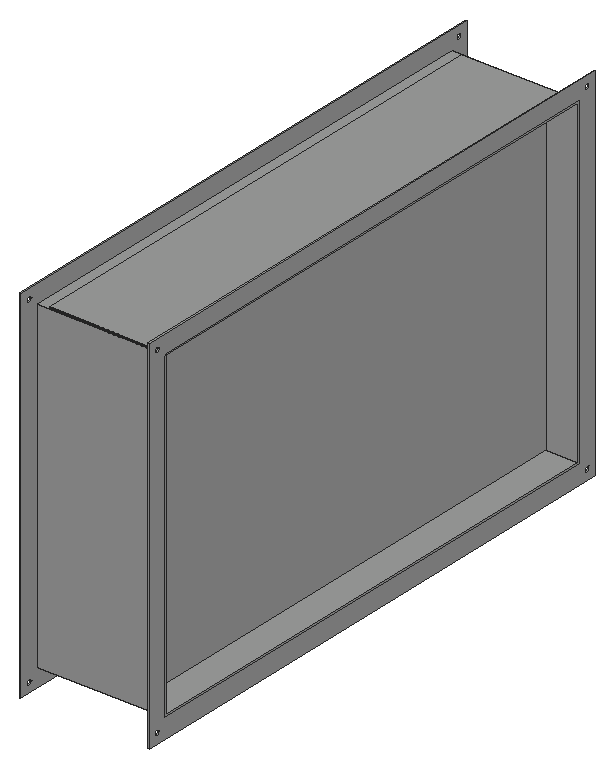
Revit family "Фильтр К прямоугольный Naveka", category Арматура воздуховодов, Revit 2019
Family settings
  Размер круглого соединителя = Использовать диаметр
  Тип детали = Вставляется
  Номер OmniClass = 23.75.00.00
  Заголовок OmniClass = Climate Control (HVAC)
  На основе рабочей плоскости = Нет
  Всегда вертикально = Да
  При загрузке вырезать с полостями = Нет
  Общий = Нет
Parameters (values of type "К-8050 компакт")
  Материал = RAL 0000 Серый металл
  s = 30 mm
  L = 200 mm
  B = 500 mm
  ADSK_Примечание = ""
  ADSK_Позиция = ""
  ADSK_Наименование = "Корпус компактного фильтра прямоугольного"
  ADSK_Масса = 0
  ADSK_Марка = "К-8050 компакт"
  ADSK_Код изделия = ""
  ADSK_Завод-изготовитель = "Naveka"  # constant formula
  ADSK_Единица измерения = "шт."  # constant formula
  A = 800 mm
Types (17, lengths in mm): name | s | L | B | ADSK_Марка | A
  (no name) | 30 | 200 | 500 | "К-8050 компакт" | 800
  К-4020 компакт | 20 | 200 | 200 | "К-4020 компакт" | 400
  К-4020 | 20 | 500 | 200 | "К-4020 компакт" | 400
  К-5025 компакт | 20 | 200 | 250 | "К-5025 компакт" | 500
  К-5025 | 20 | 530 | 250 | "К-5025 компакт" | 500
  К-5030 компакт | 20 | 200 | 300 | "К-5030 компакт" | 500
  К-5030 | 20 | 560 | 300 | "К-5030" | 500
  К-6030 компакт | 20 | 200 | 300 | "К-6030 компакт" | 600
  К-6030 | 20 | 650 | 300 | "К-6030" | 600
  К-6035 компакт | 20 | 200 | 350 | "К-6035 компакт" | 600
  К-6035 | 20 | 715 | 350 | "К-6035" | 600
  К-7040 компакт | 30 | 200 | 400 | "К-7040 компакт" | 700
  К-7040 | 30 | 785 | 400 | "К-7040" | 700
  К-8050 компакт | 30 | 200 | 500 | "К-8050 компакт" | 800
  К-8050 | 30 | 880 | 500 | "К-8050" | 800
  К-10050 компакт | 30 | 200 | 500 | "К-10050 компакт" | 1000
  К-10050 | 30 | 880 | 500 | "К-10050" | 1000
Reference planes
  plane 1 "По центру (Вперед/Назад)": y = 0
  plane 2: z = -11
  plane 3 "По центру (Влево/Вправо)": x = 0
  plane 4: y = 400
  plane 5: y = -400
  plane 6: x = 100
  plane 7: z = 239
  plane 8: z = -261
  plane 9: x = -100
  plane 10: x = -80
  plane 11: y = 398
  plane 12: x = 80
  plane 13: y = -398
  plane 14: z = 241
  plane 15: y = 430
  plane 16: y = -430
  plane 17: z = 269
  plane 18: z = -291
  plane 19: z = 254
  plane 20: y = -415
  plane 21: z = -276
  plane 22: y = 415
  plane 23: x = -98
  plane 24: x = 98
  plane 25: z = -259
  plane 26: z = 243
  plane 27: x = -50
  plane 28: x = 50
Forms (mm)
  Extrusion 1, solid, material "RAL 0000 Серый металл" <- "Материал"
    sketch origin (0, 0, 0) x (0, 1, 0) y (0, 0, 1)
      loop
        line (400, 241) -> (-400, 241) -> (-400, -261) -> (400, -261) -> (400, 241)
    from -100 to 100
  Extrusion 2, solid, material "RAL 0000 Серый металл" <- "Материал", detail levels fine
    sketch origin (0, 0, -11) x (1, 0, 0) y (0, 1, 0)
      loop
        line (-80, 398) -> (-80, -398) -> (80, -398) -> (80, 398) -> (-80, 398)
    from 254 to 252
  Extrusion 3, solid, material "RAL 0000 Серый металл" <- "Материал", detail levels fine
    sketch origin (0, 0, 0) x (0, 1, 0) y (0, 0, 1)
      loop
        line (430, 269) -> (-430, 269) -> (-430, -291) -> (430, -291) -> (430, 269)
      loop
        line (400, 241) -> (-400, 241) -> (-400, -261) -> (400, -261) -> (400, 241)
      loop
        circle (415, 254) r 4.5
      loop
        circle (-415, -276) r 4.5
      loop
        circle (415, -276) r 4.5
      loop
        circle (-415, 254) r 4.5
    from 98 to 100
  Extrusion 4, solid, material "RAL 0000 Серый металл" <- "Материал", detail levels fine
    sketch origin (0, 0, 0) x (0, 1, 0) y (0, 0, 1)
      loop
        line (-430, 269) -> (-430, -291) -> (430, -291) -> (430, 269) -> (-430, 269)
      loop
        line (-400, 241) -> (-400, -261) -> (400, -261) -> (400, 241) -> (-400, 241)
      loop
        circle (-415, 254) r 4.5
      loop
        circle (415, 254) r 4.5
      loop
        circle (415, -276) r 4.5
      loop
        circle (-415, -276) r 4.5
    from -100 to -98
  Extrusion 5, void, detail levels fine
    sketch origin (0, 0, -11) x (-1, 0, 0) y (0, -1, 0)
      loop
        line (-50, 398) -> (-100, 398) -> (-100, -398) -> (-50, -398) -> (-50, 398)
    from -248 to 250
  Extrusion 6, void, detail levels fine
    sketch origin (0, 0, -11) x (1, 0, 0) y (0, 1, 0)
      loop
        line (-50, -398) -> (-50, 398) -> (-100, 398) -> (-100, -398) -> (-50, -398)
    from -248 to 250
Cuts and joins
  Extrusion 5, Extrusion 6 cuts Extrusion 1
Lines and regions (mm)
  model lines, not visible, detail levels coarse
    curve 1: circle (0, 0, 0) r 95 normal (0, 0, 1)
    curve 2: line (95, 0, 0) -> (-55.84, 76.857, 0)
    curve 3: line (-55.84, 76.857, 0) -> (-55.84, -76.857, 0)
    curve 4: line (-55.84, -76.857, 0) -> (95, 0, 0)
  model lines, not visible, detail levels medium
    curve 5: circle (0, 0, 0) r 75 normal (0, -1, 0)
    curve 6: line (75, 0, 0) -> (-46.678, 0, 58.704)
    curve 7: line (-47.5, 0, 58.041) -> (-47.5, 0, -58.041)
    curve 8: line (-46.678, 0, -58.704) -> (75, 0, 0)
Dimensions and locks
  "A": plane 5 to plane 4
  "L": plane 9 to plane 6
  equal spacing: plane 10, plane 3 "По центру (Влево/Вправо)", plane 12
  equal spacing: plane 5, plane 1 "По центру (Вперед/Назад)", plane 4
  "B": plane 7 to plane 8
  locked: plane 5 to plane 13 at 2
  locked: plane 4 to plane 11 at 2
  locked: plane 12 to plane 6 at 20
  locked: plane 9 to plane 10 at 20
  locked: plane 14 to plane 7 at 2
  equal spacing: plane 7, level, plane 8
  "s": plane 18 to plane 8
  "s": plane 17 to plane 7
  "s": plane 15 to plane 4
  "s": plane 5 to plane 16
  equal spacing: plane 15, plane 22, plane 4
  equal spacing: plane 5, plane 20, plane 16
  equal spacing: plane 17, plane 19, plane 7
  equal spacing: plane 18, plane 21, plane 8
  locked: plane 24 to plane 6 at 2
  locked: plane 9 to plane 23 at 2
  locked: plane 8 to plane 25 at 2
  locked: plane 9 to plane 27 at 50
  equal spacing: plane 27, plane 3 "По центру (Влево/Вправо)", plane 28
  locked: plane 26 to plane 14 at 2
  aligned and locked: level to plane 2
  aligned and locked: Extrusion 1 to plane 9
  aligned and locked: Extrusion 1 to plane 6
  aligned and locked: plane 8 to Extrusion 1
  aligned and locked: plane 17 to Extrusion 3 sketch curve
  aligned and locked: plane 15 to Extrusion 3 sketch curve
  aligned and locked: plane 18 to Extrusion 3 sketch curve
  aligned and locked: plane 16 to Extrusion 3 sketch curve
  aligned and locked: Extrusion 3 sketch curve to Extrusion 1  (x4)
  aligned and locked: plane 19 to Extrusion 3 sketch curve  (x2)
  aligned and locked: plane 22 to Extrusion 3 sketch curve  (x2)
  aligned and locked: plane 21 to Extrusion 3 sketch curve  (x2)
  aligned and locked: plane 20 to Extrusion 3 sketch curve  (x2)
  aligned and locked: Extrusion 3 to plane 6
  aligned and locked: plane 24 to Extrusion 3
  aligned and locked: Extrusion 4 sketch curve to Extrusion 3  (x4)
  aligned and locked: Extrusion 4 sketch curve to Extrusion 1  (x4)
  aligned and locked: plane 19 to Extrusion 4 sketch curve  (x2)
  aligned and locked: plane 20 to Extrusion 4 sketch curve  (x2)
  aligned and locked: plane 21 to Extrusion 4 sketch curve  (x2)
  aligned and locked: plane 22 to Extrusion 4 sketch curve  (x2)
  aligned and locked: Extrusion 4 to plane 9
  aligned and locked: plane 23 to Extrusion 4
  aligned and locked: plane 26 to Extrusion 2
  aligned and locked: Extrusion 2 to plane 14
  aligned and locked: Extrusion 4 to plane 14
  aligned and locked: plane 6 to cut or joined group of Extrusion 1, Extrusion 5, Extrusion 6
  aligned and locked: Extrusion 5 sketch curve to plane 6
  aligned and locked: plane 11 to Extrusion 5 sketch curve
  aligned and locked: plane 13 to Extrusion 5 sketch curve
  aligned and locked: plane 25 to Extrusion 5
  aligned and locked: plane 7 to cut or joined group of Extrusion 1, Extrusion 5, Extrusion 6  (x2)
  aligned and locked: Extrusion 5 sketch curve to plane 28
  aligned and locked: Extrusion 6 sketch curve to plane 11
  aligned and locked: Extrusion 6 sketch curve to plane 13
  aligned and locked: plane 9 to Extrusion 6 sketch curve
  aligned and locked: plane 25 to cut or joined group of Extrusion 1, Extrusion 5, Extrusion 6
  aligned and locked: Extrusion 6 sketch curve to plane 27
Automatic sketch dimensions
  curve 5 to curve 8 = 75 mm
  curve 5 to curve 6 = 0 mm
  curve 8 to curve 5 = 46.678 mm
  curve 6 to curve 5 = 46.678 mm
  curve 7 to curve 8 = 0.822 mm
  Extrusion 1 sketch curve to plane 5 = 0 mm
  Extrusion 1 sketch curve to plane 4 = 0 mm
  plane 8 to Extrusion 1 sketch curve = 0 mm
  Extrusion 1 sketch curve to plane 14 = 0 mm
  Extrusion 2 sketch curve to plane 10 = 0 mm
  Extrusion 2 sketch curve to plane 12 = 0 mm
  plane 13 to Extrusion 2 sketch curve = 0 mm
  Extrusion 2 sketch curve to plane 11 = 0 mm
  plane 13 to Extrusion 5 sketch curve = 0 mm
  radius of Extrusion 3 sketch curve = 4.5 mm  (x4)
  radius of Extrusion 4 sketch curve = 4.5 mm  (x4)
Connectors
  hvac at (-100, 0, -10), driven by "B", driven by "A"
    settings: on cut or joined group of Extrusion 1, Extrusion 5, Extrusion 6, index 1, duct flow 0.0 L/s, flow factor 0, pres drop 0.0 Pa, loss coef 0, conn angle 0.00°, conn width 800 mm, conn height 500 mm, conn diameter 609.6 mm, duct sys type 28, conn prof type 1, flow config 0, flow direction 0, loss method 0, conn ref index 2, conn util no, is conn primary yes, conn desc ""
  hvac at (100, 0, -10), driven by "B", driven by "A"
    settings: on cut or joined group of Extrusion 1, Extrusion 5, Extrusion 6, index 2, duct flow 0.0 L/s, flow factor 0, pres drop 0.0 Pa, loss coef 0, conn angle 0.00°, conn width 800 mm, conn height 500 mm, conn diameter 609.6 mm, duct sys type 28, conn prof type 1, flow config 0, flow direction 0, loss method 0, conn ref index 1, conn util no, is conn primary no, conn desc ""
